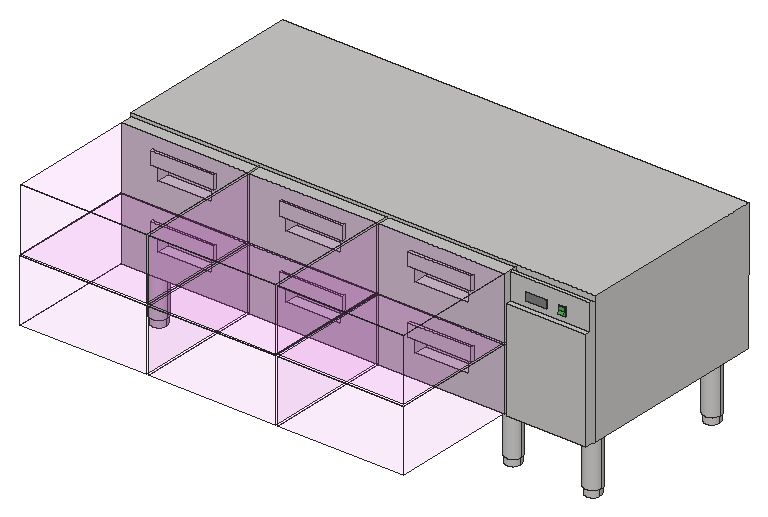
Revit family "QF_ELECTROLUXPROFESSIONAL_371376_E7TTBPCOMKN", category Specialty Equipment, Revit 2018
Family settings
  Round Connector Dimension = Use Diameter
  Part Type = Normal
  Work Plane-Based = No
  Always vertical = Yes
  Cut with Voids When Loaded = No
  Shared = No
  Room Calculation Point = No
Parameters (values of type "Standard")
  Weight = 110.00 kg
  Watts = 0 W
  Volts = 220 V
  URL Manufacturer = "http://professional.electrolux.com"
  URL = "http://professional.electrolux.com"
  Steam Supply Size = 0 mm
  Steam Supply Minimum Pressure = 0.0 Pa
  Steam Supply Maximum Pressure = 0.0 Pa
  Steam Pounds per Hour = 0
  Refrigeration Suction Line Size = 0 mm
  Refrigeration Liquid Line Size = 0 mm
  Refrigerant Compressor Remote = yes
  Manufacturer = "Electrolux Professional"
  Phase = 1
  Model = "E7TTBPCOMKN"
  Length Actual = 1600 mm  # constant formula
  Item Number = "371376"
  Hot Water Size = 0 mm
  Height Actual = 600 mm  # constant formula
  HP = "0.5 HP"
  Gas Size = 0 mm
  Gas KW = 0
  Gas Input Pressure = 0 W
  Direct Waste Size = 12.7 mm
  Description = "REFRIGERATED BASE WITH 6 DRAWERS 1600MM-60HZ - R290"
  Depth Actual = 700 mm  # constant formula
  Cycle = 60 Hz
  Condensate Return Size = 0 mm
  Compressed Air Volume = 0.0 L/s
  Compressed Air Size = 0 mm
  Compressed Air Pressure = 0.0 Pa
  Cold Water Size = 0 mm
  Accessory = yes
Values of the unnamed type that differ from the named types
  Volts = 0 V
  URL Manufacturer = ""
  Item Number = ""
  Cycle = 0 Hz
Reference planes
  plane 1 "Center X": y = 0
  plane 2: z = 0
  plane 3 "Centro (Sinistra/Destra)": x = 0
  plane 4: z = 200
  plane 5 "TOP": z = 650
  plane 6 "BACK": y = 350
  plane 7 "FRONT": y = -350
  plane 8 "LEFT": x = -800
  plane 9 "RIGHT": x = 800
  plane 10: y = -303
  plane 11: y = -348
  plane 12: x = -745
  plane 13: x = 745
  plane 14: x = 471
  plane 15: y = 262
  plane 16: y = -249
  plane 17: x = 286
  plane 18: x = -799
  plane 19: x = 799
  plane 20: y = 190
  plane 21: x = 758
  plane 22: z = 425
  plane 23: z = 422.5
  plane 24: z = 427.5
Forms (mm)
  Extrusion 1, solid, material "QF_Finishes_Stainless Steel"
    sketch origin (0, 0, 650) x (-1, 0, 0) y (0, -1, 0)
      loop
        line (799, -350) -> (799, 303) -> (-799, 303) -> (-799, -350) -> (799, -350)
    from -450 to 0
  Extrusion 2, solid, material "QF_Finishes_Stainless Steel"
    sketch origin (200, -342.999, 0) x (-1, 0, 0) y (0, 0, 1)
      loop
        line (995, 427.5) -> (995, 640.994) -> (560.999, 640.994) -> (560.999, 427.5) -> (995, 427.5)
      loop
        line (871.3, 506.706) -> (871.3, 585) -> (684.699, 585) -> (684.699, 506.706) -> (871.3, 506.706)
    from -5.001 to 39.999
  Extrusion 3, solid, material "QF_Door-Drawer Clearances"
    sketch origin (200, -348, 0) x (1, 0, 0) y (0, 0, 1)
      loop
        line (-995, 640.994) -> (-995, 427.5) -> (-560.999, 427.5) -> (-560.999, 640.994) -> (-995, 640.994)
    from 0 to 434
  Extrusion 4, solid, material "QF_Finishes_Stainless Steel"
    sketch origin (204, -348, 0) x (1, 0, 0) y (0, 0, 1)
      loop
        line (-890.3, 598.969) -> (-890.3, 553.969) -> (-673.699, 553.969) -> (-673.699, 598.969) -> (-890.3, 598.969)
    from 0 to 10
  Extrusion 5, solid, material "QF_Finishes_Stainless Steel"
    sketch origin (198, 0, 0) x (1, 0, 0) y (0, 1, 0)
      loop
        circle (560, 190) r 6
    from 189.987 to 200
  Extrusion 6, solid, material "QF_Finishes_Stainless Steel"
    sketch origin (798, 66.551, 0) x (0, 1, 0) y (0, 0, 1)
      loop
        line (-369.551, 629.527) -> (-386.314, 640.994) -> (-397.65, 640.994) -> (-397.65, 549.796) -> (-414.551, 549.796) -> (-414.551, 204.796) -> (-384.714, 204.796) -> (-374.993, 200) -> (-369.551, 200) -> (-369.551, 629.527)
    from 0 to -271
  Extrusion 7, solid, material "QF_Finishes_Black"
    sketch origin (782, -331.099, 630.994) x (0, 0, -1) y (1, 0, 0)
      loop
        line (32.198, -86.899) -> (61.199, -86.899) -> (61.199, -64.9) -> (32.198, -64.9) -> (32.198, -86.899)
    from 0 to 1.6
  Extrusion 8, solid, material "QF_Finishes_Grey"
    sketch origin (788, -331.099, 630.994) x (0, 0, -1) y (1, 0, 0)
      loop
        line (32.198, -206.099) -> (61.199, -206.099) -> (61.199, -136.099) -> (32.198, -136.099) -> (32.198, -206.099)
    from 0 to 1.6
  Extrusion 9, solid, material "QF_Finishes_Green"
    sketch origin (717.1, -331.099, 598.796) x (0, 0, -1) y (0, 1, 0)
      loop
        line (2.279, -3.281) -> (14.5, -3.281) -> (25.308, -8.985)
        arc (25.308, -8.985) -> (26.537, -5.394) -> (26.605, -1.6) r 12.221
        line (26.605, -1.6) -> (2.395, -1.6)
        arc (2.395, -1.6) -> (2.308, -2.439) -> (2.279, -3.281) r 12.221
    from -20 to -2
  Extrusion 10, solid, material "QF_Finishes_Stainless Steel"
    sketch origin (644.031, -342.999, 0) x (-1, 0, 0) y (0, 0, 1)
      loop
        line (997, 427.5) -> (997, 640.994) -> (563, 640.994) -> (563, 427.5) -> (997, 427.5)
      loop
        line (873.3, 506.706) -> (873.3, 585) -> (686.699, 585) -> (686.699, 506.706) -> (873.3, 506.706)
    from -5.001 to 39.999
  Extrusion 11, solid, material "QF_Door-Drawer Clearances"
    sketch origin (644.031, -348, 0) x (1, 0, 0) y (0, 0, 1)
      loop
        line (-997, 640.994) -> (-997, 427.5) -> (-563, 427.5) -> (-563, 640.994) -> (-997, 640.994)
    from 0 to 434
  Extrusion 12, solid, material "QF_Finishes_Stainless Steel"
    sketch origin (647.732, -348, 0) x (1, 0, 0) y (0, 0, 1)
      loop
        line (-892.001, 598.969) -> (-892.001, 553.969) -> (-675.4, 553.969) -> (-675.4, 598.969) -> (-892.001, 598.969)
    from 0 to 10
  Extrusion 13, solid, material "QF_Finishes_Stainless Steel"
    sketch origin (1076.461, -342.999, 0) x (-1, 0, 0) y (0, 0, 1)
      loop
        line (553.461, 427.5) -> (987.5, 427.5) -> (987.5, 640.994) -> (553.461, 640.994) -> (553.461, 427.5)
      loop
        line (863.8, 506.706) -> (863.8, 585) -> (677.199, 585) -> (677.199, 506.706) -> (863.8, 506.706)
    from -5.001 to 39.999
  Extrusion 14, solid, material "QF_Door-Drawer Clearances"
    sketch origin (1076.461, -348, 0) x (1, 0, 0) y (0, 0, 1)
      loop
        line (-553.461, 640.994) -> (-987.5, 640.994) -> (-987.5, 427.5) -> (-553.461, 427.5) -> (-553.461, 640.994)
    from 0 to 434
  Extrusion 15, solid, material "QF_Finishes_Stainless Steel"
    sketch origin (1076.461, -348, 0) x (1, 0, 0) y (0, 0, 1)
      loop
        line (-878.8, 598.969) -> (-878.8, 553.969) -> (-662.199, 553.969) -> (-662.199, 598.969) -> (-878.8, 598.969)
    from 0 to 10
  Extrusion 16, solid, material "QF_Finishes_Stainless Steel"
    sketch origin (200, -342.999, -218.494) x (-1, 0, 0) y (0, 0, 1)
      loop
        line (995, 427.5) -> (995, 640.994) -> (560.999, 640.994) -> (560.999, 427.5) -> (995, 427.5)
      loop
        line (871.3, 506.706) -> (871.3, 585) -> (684.699, 585) -> (684.699, 506.706) -> (871.3, 506.706)
    from -5.001 to 39.999
  Extrusion 17, solid, material "QF_Door-Drawer Clearances"
    sketch origin (200, -348, -218.494) x (1, 0, 0) y (0, 0, 1)
      loop
        line (-995, 640.994) -> (-995, 427.5) -> (-560.999, 427.5) -> (-560.999, 640.994) -> (-995, 640.994)
    from 0 to 434
  Extrusion 18, solid, material "QF_Finishes_Stainless Steel"
    sketch origin (204, -348, -218.494) x (1, 0, 0) y (0, 0, 1)
      loop
        line (-890.3, 598.969) -> (-890.3, 553.969) -> (-673.699, 553.969) -> (-673.699, 598.969) -> (-890.3, 598.969)
    from 0 to 10
  Extrusion 19, solid, material "QF_Finishes_Stainless Steel"
    sketch origin (644.031, -342.999, -218.494) x (-1, 0, 0) y (0, 0, 1)
      loop
        line (997, 427.5) -> (997, 640.994) -> (563, 640.994) -> (563, 427.5) -> (997, 427.5)
      loop
        line (873.3, 506.706) -> (873.3, 585) -> (686.699, 585) -> (686.699, 506.706) -> (873.3, 506.706)
    from -5.001 to 39.999
  Extrusion 20, solid, material "QF_Door-Drawer Clearances"
    sketch origin (644.031, -348, -218.494) x (1, 0, 0) y (0, 0, 1)
      loop
        line (-997, 640.994) -> (-997, 427.5) -> (-563, 427.5) -> (-563, 640.994) -> (-997, 640.994)
    from 0 to 434
  Extrusion 21, solid, material "QF_Finishes_Stainless Steel"
    sketch origin (647.732, -348, -218.494) x (1, 0, 0) y (0, 0, 1)
      loop
        line (-892.001, 598.969) -> (-892.001, 553.969) -> (-675.4, 553.969) -> (-675.4, 598.969) -> (-892.001, 598.969)
    from 0 to 10
  Extrusion 22, solid, material "QF_Finishes_Stainless Steel"
    sketch origin (1082.461, -342.999, -218.494) x (-1, 0, 0) y (0, 0, 1)
      loop
        line (559.461, 427.5) -> (993.5, 427.5) -> (993.5, 640.994) -> (559.461, 640.994) -> (559.461, 427.5)
      loop
        line (869.8, 506.706) -> (869.8, 585) -> (683.199, 585) -> (683.199, 506.706) -> (869.8, 506.706)
    from -5.001 to 39.999
  Extrusion 23, solid, material "QF_Door-Drawer Clearances"
    sketch origin (1082.461, -348, -218.494) x (1, 0, 0) y (0, 0, 1)
      loop
        line (-559.461, 640.994) -> (-993.5, 640.994) -> (-993.5, 427.5) -> (-559.461, 427.5) -> (-559.461, 640.994)
    from 0 to 434
  Extrusion 24, solid, material "QF_Finishes_Stainless Steel"
    sketch origin (1082.461, -348, -218.494) x (1, 0, 0) y (0, 0, 1)
      loop
        line (-884.8, 598.969) -> (-884.8, 553.969) -> (-668.199, 553.969) -> (-668.199, 598.969) -> (-884.8, 598.969)
    from 0 to 10
Lines and regions (mm)
  Split face 1
    outline origin (788, -332.699, 630.994) x (0, 0, -1) y (1, 0, 0)
      loop
        line (37.198, -196.099) -> (52.198, -196.099) -> (52.198, -146.099) -> (37.198, -146.099) -> (37.198, -196.099)
  Split face 2
    outline origin (788, -332.699, 630.994) x (0, 0, -1) y (1, 0, 0)
      loop
        circle (44.698, -143.099) r 1.2
  Split face 3
    outline origin (788, -332.699, 630.994) x (0, 0, -1) y (1, 0, 0)
      loop
        circle (39.698, -143.099) r 1.2
  Split face 4
    outline origin (788, -332.699, 630.994) x (0, 0, -1) y (1, 0, 0)
      loop
        circle (49.698, -143.099) r 1.2
  Split face 5
    outline origin (788, -332.699, 630.994) x (0, 0, -1) y (1, 0, 0)
      loop
        circle (39.698, -199.099) r 1.2
  Split face 6
    outline origin (788, -332.699, 630.994) x (0, 0, -1) y (1, 0, 0)
      loop
        circle (44.698, -199.099) r 1.2
  Split face 7
    outline origin (788, -332.699, 630.994) x (0, 0, -1) y (1, 0, 0)
      loop
        circle (49.698, -199.099) r 1.2
  Split face 8
    outline origin (788, -332.699, 630.994) x (0, 0, -1) y (1, 0, 0)
      loop
        line (59.151, -196.099) -> (59.151, -185.099) -> (54.151, -185.099) -> (54.151, -196.099) -> (59.151, -196.099)
  Split face 9
    outline origin (788, -332.699, 630.994) x (0, 0, -1) y (1, 0, 0)
      loop
        line (54.151, -183.099) -> (59.151, -183.099) -> (59.151, -172.099) -> (54.151, -172.099) -> (54.151, -183.099)
  Split face 10
    outline origin (801, -332.699, 630.994) x (0, 0, -1) y (1, 0, 0)
      loop
        line (54.151, -183.099) -> (59.151, -183.099) -> (59.151, -172.099) -> (54.151, -172.099) -> (54.151, -183.099)
  Split face 11
    outline origin (814, -332.699, 630.994) x (0, 0, -1) y (1, 0, 0)
      loop
        line (54.151, -183.099) -> (59.151, -183.099) -> (59.151, -172.099) -> (54.151, -172.099) -> (54.151, -183.099)
  Split face 12
    outline origin (798, -348, 412.291) x (0, 0, -1) y (1, 0, 0)
      loop
        arc (-85.025, -240.599) -> (-81.004, -236.61) -> (-85.004, -232.599) r 4
        line (-85.004, -232.599) -> (-117.004, -232.599)
        arc (-117.004, -232.599) -> (-121.004, -236.61) -> (-116.984, -240.599) r 4
        line (-116.984, -240.599) -> (-85.025, -240.599)
  Split face 13
    outline origin (810, -348, 412.291) x (0, 0, -1) y (1, 0, 0)
      loop
        arc (-85.025, -240.599) -> (-81.004, -236.61) -> (-85.004, -232.599) r 4
        line (-85.004, -232.599) -> (-117.004, -232.599)
        arc (-117.004, -232.599) -> (-121.004, -236.61) -> (-116.984, -240.599) r 4
        line (-116.984, -240.599) -> (-85.025, -240.599)
  Split face 14
    outline origin (822, -348, 412.291) x (0, 0, -1) y (1, 0, 0)
      loop
        arc (-85.025, -240.599) -> (-81.004, -236.61) -> (-85.004, -232.599) r 4
        line (-85.004, -232.599) -> (-117.004, -232.599)
        arc (-117.004, -232.599) -> (-121.004, -236.61) -> (-116.984, -240.599) r 4
        line (-116.984, -240.599) -> (-85.025, -240.599)
  Split face 15
    outline origin (833.897, -348, 412.291) x (0, 0, -1) y (1, 0, 0)
      loop
        arc (-85.025, -240.599) -> (-81.004, -236.61) -> (-85.004, -232.599) r 4
        line (-85.004, -232.599) -> (-117.004, -232.599)
        arc (-117.004, -232.599) -> (-121.004, -236.61) -> (-116.984, -240.599) r 4
        line (-116.984, -240.599) -> (-85.025, -240.599)
  Split face 16
    outline origin (845.896, -348, 412.291) x (0, 0, -1) y (1, 0, 0)
      loop
        arc (-85.025, -240.599) -> (-81.004, -236.61) -> (-85.004, -232.599) r 4
        line (-85.004, -232.599) -> (-117.004, -232.599)
        arc (-117.004, -232.599) -> (-121.004, -236.61) -> (-116.984, -240.599) r 4
        line (-116.984, -240.599) -> (-85.025, -240.599)
  Split face 17
    outline origin (857.896, -348, 412.291) x (0, 0, -1) y (1, 0, 0)
      loop
        arc (-85.025, -240.599) -> (-81.004, -236.61) -> (-85.004, -232.599) r 4
        line (-85.004, -232.599) -> (-117.004, -232.599)
        arc (-117.004, -232.599) -> (-121.004, -236.61) -> (-116.984, -240.599) r 4
        line (-116.984, -240.599) -> (-85.025, -240.599)
  Split face 18
    outline origin (869.896, -348, 412.291) x (0, 0, -1) y (1, 0, 0)
      loop
        arc (-85.025, -240.599) -> (-81.004, -236.61) -> (-85.004, -232.599) r 4
        line (-85.004, -232.599) -> (-117.004, -232.599)
        arc (-117.004, -232.599) -> (-121.004, -236.61) -> (-116.984, -240.599) r 4
        line (-116.984, -240.599) -> (-85.025, -240.599)
  Split face 19
    outline origin (881.897, -348, 412.291) x (0, 0, -1) y (1, 0, 0)
      loop
        arc (-85.025, -240.599) -> (-81.004, -236.61) -> (-85.004, -232.599) r 4
        line (-85.004, -232.599) -> (-117.004, -232.599)
        arc (-117.004, -232.599) -> (-121.004, -236.61) -> (-116.984, -240.599) r 4
        line (-116.984, -240.599) -> (-85.025, -240.599)
  Split face 20
    outline origin (893.896, -348, 412.291) x (0, 0, -1) y (1, 0, 0)
      loop
        arc (-85.025, -240.599) -> (-81.004, -236.61) -> (-85.004, -232.599) r 4
        line (-85.004, -232.599) -> (-117.004, -232.599)
        arc (-117.004, -232.599) -> (-121.004, -236.61) -> (-116.984, -240.599) r 4
        line (-116.984, -240.599) -> (-85.025, -240.599)
  Split face 21
    outline origin (905.896, -348, 412.291) x (0, 0, -1) y (1, 0, 0)
      loop
        arc (-85.025, -242.399) -> (-81.004, -238.41) -> (-85.004, -234.4) r 4
        line (-85.004, -234.4) -> (-117.004, -234.4)
        arc (-117.004, -234.4) -> (-121.004, -238.41) -> (-116.984, -242.399) r 4
        line (-116.984, -242.399) -> (-85.025, -242.399)
  Split face 22
    outline origin (917.896, -348, 412.291) x (0, 0, -1) y (1, 0, 0)
      loop
        arc (-85.025, -242.399) -> (-81.004, -238.41) -> (-85.004, -234.4) r 4
        line (-85.004, -234.4) -> (-117.004, -234.4)
        arc (-117.004, -234.4) -> (-121.004, -238.41) -> (-116.984, -242.399) r 4
        line (-116.984, -242.399) -> (-85.025, -242.399)
  Split face 23
    outline origin (929.896, -348, 412.291) x (0, 0, -1) y (1, 0, 0)
      loop
        arc (-85.025, -242.399) -> (-81.004, -238.41) -> (-85.004, -234.4) r 4
        line (-85.004, -234.4) -> (-117.004, -234.4)
        arc (-117.004, -234.4) -> (-121.004, -238.41) -> (-116.984, -242.399) r 4
        line (-116.984, -242.399) -> (-85.025, -242.399)
  Split face 24
    outline origin (941.896, -348, 412.291) x (0, 0, -1) y (1, 0, 0)
      loop
        arc (-85.025, -242.399) -> (-81.004, -238.41) -> (-85.004, -234.4) r 4
        line (-85.004, -234.4) -> (-117.004, -234.4)
        arc (-117.004, -234.4) -> (-121.004, -238.41) -> (-116.984, -242.399) r 4
        line (-116.984, -242.399) -> (-85.025, -242.399)
  Split face 25
    outline origin (953.896, -348, 412.291) x (0, 0, -1) y (1, 0, 0)
      loop
        arc (-85.025, -242.399) -> (-81.004, -238.41) -> (-85.004, -234.4) r 4
        line (-85.004, -234.4) -> (-117.004, -234.4)
        arc (-117.004, -234.4) -> (-121.004, -238.41) -> (-116.984, -242.399) r 4
        line (-116.984, -242.399) -> (-85.025, -242.399)
  Split face 26
    outline origin (965.896, -348, 412.291) x (0, 0, -1) y (1, 0, 0)
      loop
        arc (-85.025, -242.399) -> (-81.004, -238.41) -> (-85.004, -234.4) r 4
        line (-85.004, -234.4) -> (-117.004, -234.4)
        arc (-117.004, -234.4) -> (-121.004, -238.41) -> (-116.984, -242.399) r 4
        line (-116.984, -242.399) -> (-85.025, -242.399)
  Split face 27
    outline origin (977.896, -348, 412.291) x (0, 0, -1) y (1, 0, 0)
      loop
        arc (-85.025, -242.399) -> (-81.004, -238.41) -> (-85.004, -234.4) r 4
        line (-85.004, -234.4) -> (-117.004, -234.4)
        arc (-117.004, -234.4) -> (-121.004, -238.41) -> (-116.984, -242.399) r 4
        line (-116.984, -242.399) -> (-85.025, -242.399)
  Split face 28
    outline origin (989.896, -348, 412.291) x (0, 0, -1) y (1, 0, 0)
      loop
        arc (-85.025, -242.399) -> (-81.004, -238.41) -> (-85.004, -234.4) r 4
        line (-85.004, -234.4) -> (-117.004, -234.4)
        arc (-117.004, -234.4) -> (-121.004, -238.41) -> (-116.984, -242.399) r 4
        line (-116.984, -242.399) -> (-85.025, -242.399)
  Split face 29
    outline origin (1001.896, -348, 412.291) x (0, 0, -1) y (1, 0, 0)
      loop
        arc (-85.025, -242.399) -> (-81.004, -238.41) -> (-85.004, -234.4) r 4
        line (-85.004, -234.4) -> (-117.004, -234.4)
        arc (-117.004, -234.4) -> (-121.004, -238.41) -> (-116.984, -242.399) r 4
        line (-116.984, -242.399) -> (-85.025, -242.399)
  Split face 30
    outline origin (1013.896, -348, 412.291) x (0, 0, -1) y (1, 0, 0)
      loop
        arc (-85.025, -242.399) -> (-81.004, -238.41) -> (-85.004, -234.4) r 4
        line (-85.004, -234.4) -> (-117.004, -234.4)
        arc (-117.004, -234.4) -> (-121.004, -238.41) -> (-116.984, -242.399) r 4
        line (-116.984, -242.399) -> (-85.025, -242.399)
  Split face 31
    outline origin (786, -348, 412.291) x (0, 0, -1) y (1, 0, 0)
      loop
        arc (-85.025, -240.599) -> (-81.004, -236.61) -> (-85.004, -232.599) r 4
        line (-85.004, -232.599) -> (-117.004, -232.599)
        arc (-117.004, -232.599) -> (-121.004, -236.61) -> (-116.984, -240.599) r 4
        line (-116.984, -240.599) -> (-85.025, -240.599)
  Split face 32
    outline origin (798, -348, 367.29) x (0, 0, -1) y (1, 0, 0)
      loop
        arc (-85.025, -240.599) -> (-81.004, -236.61) -> (-85.004, -232.599) r 4
        line (-85.004, -232.599) -> (-117.004, -232.599)
        arc (-117.004, -232.599) -> (-121.004, -236.61) -> (-116.984, -240.599) r 4
        line (-116.984, -240.599) -> (-85.025, -240.599)
  Split face 33
    outline origin (810, -348, 367.29) x (0, 0, -1) y (1, 0, 0)
      loop
        arc (-85.025, -240.599) -> (-81.004, -236.61) -> (-85.004, -232.599) r 4
        line (-85.004, -232.599) -> (-117.004, -232.599)
        arc (-117.004, -232.599) -> (-121.004, -236.61) -> (-116.984, -240.599) r 4
        line (-116.984, -240.599) -> (-85.025, -240.599)
  Split face 34
    outline origin (822, -348, 367.29) x (0, 0, -1) y (1, 0, 0)
      loop
        arc (-85.025, -240.599) -> (-81.004, -236.61) -> (-85.004, -232.599) r 4
        line (-85.004, -232.599) -> (-117.004, -232.599)
        arc (-117.004, -232.599) -> (-121.004, -236.61) -> (-116.984, -240.599) r 4
        line (-116.984, -240.599) -> (-85.025, -240.599)
  Split face 35
    outline origin (833.897, -348, 367.29) x (0, 0, -1) y (1, 0, 0)
      loop
        arc (-85.025, -240.599) -> (-81.004, -236.61) -> (-85.004, -232.599) r 4
        line (-85.004, -232.599) -> (-117.004, -232.599)
        arc (-117.004, -232.599) -> (-121.004, -236.61) -> (-116.984, -240.599) r 4
        line (-116.984, -240.599) -> (-85.025, -240.599)
  Split face 36
    outline origin (845.896, -348, 367.29) x (0, 0, -1) y (1, 0, 0)
      loop
        arc (-85.025, -240.599) -> (-81.004, -236.61) -> (-85.004, -232.599) r 4
        line (-85.004, -232.599) -> (-117.004, -232.599)
        arc (-117.004, -232.599) -> (-121.004, -236.61) -> (-116.984, -240.599) r 4
        line (-116.984, -240.599) -> (-85.025, -240.599)
  Split face 37
    outline origin (857.896, -348, 367.29) x (0, 0, -1) y (1, 0, 0)
      loop
        arc (-85.025, -240.599) -> (-81.004, -236.61) -> (-85.004, -232.599) r 4
        line (-85.004, -232.599) -> (-117.004, -232.599)
        arc (-117.004, -232.599) -> (-121.004, -236.61) -> (-116.984, -240.599) r 4
        line (-116.984, -240.599) -> (-85.025, -240.599)
  Split face 38
    outline origin (869.896, -348, 367.29) x (0, 0, -1) y (1, 0, 0)
      loop
        arc (-85.025, -240.599) -> (-81.004, -236.61) -> (-85.004, -232.599) r 4
        line (-85.004, -232.599) -> (-117.004, -232.599)
        arc (-117.004, -232.599) -> (-121.004, -236.61) -> (-116.984, -240.599) r 4
        line (-116.984, -240.599) -> (-85.025, -240.599)
  Split face 39
    outline origin (881.897, -348, 367.29) x (0, 0, -1) y (1, 0, 0)
      loop
        arc (-85.025, -240.599) -> (-81.004, -236.61) -> (-85.004, -232.599) r 4
        line (-85.004, -232.599) -> (-117.004, -232.599)
        arc (-117.004, -232.599) -> (-121.004, -236.61) -> (-116.984, -240.599) r 4
        line (-116.984, -240.599) -> (-85.025, -240.599)
  Split face 40
    outline origin (893.896, -348, 367.29) x (0, 0, -1) y (1, 0, 0)
      loop
        arc (-85.025, -240.599) -> (-81.004, -236.61) -> (-85.004, -232.599) r 4
        line (-85.004, -232.599) -> (-117.004, -232.599)
        arc (-117.004, -232.599) -> (-121.004, -236.61) -> (-116.984, -240.599) r 4
        line (-116.984, -240.599) -> (-85.025, -240.599)
  Split face 41
    outline origin (905.896, -348, 367.29) x (0, 0, -1) y (1, 0, 0)
      loop
        arc (-85.025, -242.399) -> (-81.004, -238.41) -> (-85.004, -234.4) r 4
        line (-85.004, -234.4) -> (-117.004, -234.4)
        arc (-117.004, -234.4) -> (-121.004, -238.41) -> (-116.984, -242.399) r 4
        line (-116.984, -242.399) -> (-85.025, -242.399)
  Split face 42
    outline origin (917.896, -348, 367.29) x (0, 0, -1) y (1, 0, 0)
      loop
        arc (-85.025, -242.399) -> (-81.004, -238.41) -> (-85.004, -234.4) r 4
        line (-85.004, -234.4) -> (-117.004, -234.4)
        arc (-117.004, -234.4) -> (-121.004, -238.41) -> (-116.984, -242.399) r 4
        line (-116.984, -242.399) -> (-85.025, -242.399)
  Split face 43
    outline origin (929.896, -348, 367.29) x (0, 0, -1) y (1, 0, 0)
      loop
        arc (-85.025, -242.399) -> (-81.004, -238.41) -> (-85.004, -234.4) r 4
        line (-85.004, -234.4) -> (-117.004, -234.4)
        arc (-117.004, -234.4) -> (-121.004, -238.41) -> (-116.984, -242.399) r 4
        line (-116.984, -242.399) -> (-85.025, -242.399)
  Split face 44
    outline origin (941.896, -348, 367.29) x (0, 0, -1) y (1, 0, 0)
      loop
        arc (-85.025, -242.399) -> (-81.004, -238.41) -> (-85.004, -234.4) r 4
        line (-85.004, -234.4) -> (-117.004, -234.4)
        arc (-117.004, -234.4) -> (-121.004, -238.41) -> (-116.984, -242.399) r 4
        line (-116.984, -242.399) -> (-85.025, -242.399)
  Split face 45
    outline origin (953.896, -348, 367.29) x (0, 0, -1) y (1, 0, 0)
      loop
        arc (-85.025, -242.399) -> (-81.004, -238.41) -> (-85.004, -234.4) r 4
        line (-85.004, -234.4) -> (-117.004, -234.4)
        arc (-117.004, -234.4) -> (-121.004, -238.41) -> (-116.984, -242.399) r 4
        line (-116.984, -242.399) -> (-85.025, -242.399)
  Split face 46
    outline origin (965.896, -348, 367.29) x (0, 0, -1) y (1, 0, 0)
      loop
        arc (-85.025, -242.399) -> (-81.004, -238.41) -> (-85.004, -234.4) r 4
        line (-85.004, -234.4) -> (-117.004, -234.4)
        arc (-117.004, -234.4) -> (-121.004, -238.41) -> (-116.984, -242.399) r 4
        line (-116.984, -242.399) -> (-85.025, -242.399)
  Split face 47
    outline origin (977.896, -348, 367.29) x (0, 0, -1) y (1, 0, 0)
      loop
        arc (-85.025, -242.399) -> (-81.004, -238.41) -> (-85.004, -234.4) r 4
        line (-85.004, -234.4) -> (-117.004, -234.4)
        arc (-117.004, -234.4) -> (-121.004, -238.41) -> (-116.984, -242.399) r 4
        line (-116.984, -242.399) -> (-85.025, -242.399)
  Split face 48
    outline origin (989.896, -348, 367.29) x (0, 0, -1) y (1, 0, 0)
      loop
        arc (-85.025, -242.399) -> (-81.004, -238.41) -> (-85.004, -234.4) r 4
        line (-85.004, -234.4) -> (-117.004, -234.4)
        arc (-117.004, -234.4) -> (-121.004, -238.41) -> (-116.984, -242.399) r 4
        line (-116.984, -242.399) -> (-85.025, -242.399)
  Split face 49
    outline origin (1001.896, -348, 367.29) x (0, 0, -1) y (1, 0, 0)
      loop
        arc (-85.025, -242.399) -> (-81.004, -238.41) -> (-85.004, -234.4) r 4
        line (-85.004, -234.4) -> (-117.004, -234.4)
        arc (-117.004, -234.4) -> (-121.004, -238.41) -> (-116.984, -242.399) r 4
        line (-116.984, -242.399) -> (-85.025, -242.399)
  Split face 50
    outline origin (1013.896, -348, 367.29) x (0, 0, -1) y (1, 0, 0)
      loop
        arc (-85.025, -242.399) -> (-81.004, -238.41) -> (-85.004, -234.4) r 4
        line (-85.004, -234.4) -> (-117.004, -234.4)
        arc (-117.004, -234.4) -> (-121.004, -238.41) -> (-116.984, -242.399) r 4
        line (-116.984, -242.399) -> (-85.025, -242.399)
  Split face 51
    outline origin (786, -348, 367.29) x (0, 0, -1) y (1, 0, 0)
      loop
        arc (-85.025, -240.599) -> (-81.004, -236.61) -> (-85.004, -232.599) r 4
        line (-85.004, -232.599) -> (-117.004, -232.599)
        arc (-117.004, -232.599) -> (-121.004, -236.61) -> (-116.984, -240.599) r 4
        line (-116.984, -240.599) -> (-85.025, -240.599)
  Split face 52
    outline origin (798, -348, 322.29) x (0, 0, -1) y (1, 0, 0)
      loop
        arc (-85.025, -240.599) -> (-81.004, -236.61) -> (-85.004, -232.599) r 4
        line (-85.004, -232.599) -> (-117.004, -232.599)
        arc (-117.004, -232.599) -> (-121.004, -236.61) -> (-116.984, -240.599) r 4
        line (-116.984, -240.599) -> (-85.025, -240.599)
  Split face 53
    outline origin (810, -348, 322.29) x (0, 0, -1) y (1, 0, 0)
      loop
        arc (-85.025, -240.599) -> (-81.004, -236.61) -> (-85.004, -232.599) r 4
        line (-85.004, -232.599) -> (-117.004, -232.599)
        arc (-117.004, -232.599) -> (-121.004, -236.61) -> (-116.984, -240.599) r 4
        line (-116.984, -240.599) -> (-85.025, -240.599)
  Split face 54
    outline origin (822, -348, 322.29) x (0, 0, -1) y (1, 0, 0)
      loop
        arc (-85.025, -240.599) -> (-81.004, -236.61) -> (-85.004, -232.599) r 4
        line (-85.004, -232.599) -> (-117.004, -232.599)
        arc (-117.004, -232.599) -> (-121.004, -236.61) -> (-116.984, -240.599) r 4
        line (-116.984, -240.599) -> (-85.025, -240.599)
  Split face 55
    outline origin (833.897, -348, 322.29) x (0, 0, -1) y (1, 0, 0)
      loop
        arc (-85.025, -240.599) -> (-81.004, -236.61) -> (-85.004, -232.599) r 4
        line (-85.004, -232.599) -> (-117.004, -232.599)
        arc (-117.004, -232.599) -> (-121.004, -236.61) -> (-116.984, -240.599) r 4
        line (-116.984, -240.599) -> (-85.025, -240.599)
  Split face 56
    outline origin (845.896, -348, 322.29) x (0, 0, -1) y (1, 0, 0)
      loop
        arc (-85.025, -240.599) -> (-81.004, -236.61) -> (-85.004, -232.599) r 4
        line (-85.004, -232.599) -> (-117.004, -232.599)
        arc (-117.004, -232.599) -> (-121.004, -236.61) -> (-116.984, -240.599) r 4
        line (-116.984, -240.599) -> (-85.025, -240.599)
  Split face 57
    outline origin (857.896, -348, 322.29) x (0, 0, -1) y (1, 0, 0)
      loop
        arc (-85.025, -240.599) -> (-81.004, -236.61) -> (-85.004, -232.599) r 4
        line (-85.004, -232.599) -> (-117.004, -232.599)
        arc (-117.004, -232.599) -> (-121.004, -236.61) -> (-116.984, -240.599) r 4
        line (-116.984, -240.599) -> (-85.025, -240.599)
  Split face 58
    outline origin (869.896, -348, 322.29) x (0, 0, -1) y (1, 0, 0)
      loop
        arc (-85.025, -240.599) -> (-81.004, -236.61) -> (-85.004, -232.599) r 4
        line (-85.004, -232.599) -> (-117.004, -232.599)
        arc (-117.004, -232.599) -> (-121.004, -236.61) -> (-116.984, -240.599) r 4
        line (-116.984, -240.599) -> (-85.025, -240.599)
  Split face 59
    outline origin (881.897, -348, 322.29) x (0, 0, -1) y (1, 0, 0)
      loop
        arc (-85.025, -240.599) -> (-81.004, -236.61) -> (-85.004, -232.599) r 4
        line (-85.004, -232.599) -> (-117.004, -232.599)
        arc (-117.004, -232.599) -> (-121.004, -236.61) -> (-116.984, -240.599) r 4
        line (-116.984, -240.599) -> (-85.025, -240.599)
  Split face 60
    outline origin (893.896, -348, 322.29) x (0, 0, -1) y (1, 0, 0)
      loop
        arc (-85.025, -240.599) -> (-81.004, -236.61) -> (-85.004, -232.599) r 4
        line (-85.004, -232.599) -> (-117.004, -232.599)
        arc (-117.004, -232.599) -> (-121.004, -236.61) -> (-116.984, -240.599) r 4
        line (-116.984, -240.599) -> (-85.025, -240.599)
  Split face 61
    outline origin (905.896, -348, 322.29) x (0, 0, -1) y (1, 0, 0)
      loop
        arc (-85.025, -242.399) -> (-81.004, -238.41) -> (-85.004, -234.4) r 4
        line (-85.004, -234.4) -> (-117.004, -234.4)
        arc (-117.004, -234.4) -> (-121.004, -238.41) -> (-116.984, -242.399) r 4
        line (-116.984, -242.399) -> (-85.025, -242.399)
  Split face 62
    outline origin (917.896, -348, 322.29) x (0, 0, -1) y (1, 0, 0)
      loop
        arc (-85.025, -242.399) -> (-81.004, -238.41) -> (-85.004, -234.4) r 4
        line (-85.004, -234.4) -> (-117.004, -234.4)
        arc (-117.004, -234.4) -> (-121.004, -238.41) -> (-116.984, -242.399) r 4
        line (-116.984, -242.399) -> (-85.025, -242.399)
  Split face 63
    outline origin (929.896, -348, 322.29) x (0, 0, -1) y (1, 0, 0)
      loop
        arc (-85.025, -242.399) -> (-81.004, -238.41) -> (-85.004, -234.4) r 4
        line (-85.004, -234.4) -> (-117.004, -234.4)
        arc (-117.004, -234.4) -> (-121.004, -238.41) -> (-116.984, -242.399) r 4
        line (-116.984, -242.399) -> (-85.025, -242.399)
  Split face 64
    outline origin (941.896, -348, 322.29) x (0, 0, -1) y (1, 0, 0)
      loop
        arc (-85.025, -242.399) -> (-81.004, -238.41) -> (-85.004, -234.4) r 4
        line (-85.004, -234.4) -> (-117.004, -234.4)
        arc (-117.004, -234.4) -> (-121.004, -238.41) -> (-116.984, -242.399) r 4
        line (-116.984, -242.399) -> (-85.025, -242.399)
  Split face 65
    outline origin (953.896, -348, 322.29) x (0, 0, -1) y (1, 0, 0)
      loop
        arc (-85.025, -242.399) -> (-81.004, -238.41) -> (-85.004, -234.4) r 4
        line (-85.004, -234.4) -> (-117.004, -234.4)
        arc (-117.004, -234.4) -> (-121.004, -238.41) -> (-116.984, -242.399) r 4
        line (-116.984, -242.399) -> (-85.025, -242.399)
  Split face 66
    outline origin (965.896, -348, 322.29) x (0, 0, -1) y (1, 0, 0)
      loop
        arc (-85.025, -242.399) -> (-81.004, -238.41) -> (-85.004, -234.4) r 4
        line (-85.004, -234.4) -> (-117.004, -234.4)
        arc (-117.004, -234.4) -> (-121.004, -238.41) -> (-116.984, -242.399) r 4
        line (-116.984, -242.399) -> (-85.025, -242.399)
  Split face 67
    outline origin (977.896, -348, 322.29) x (0, 0, -1) y (1, 0, 0)
      loop
        arc (-85.025, -242.399) -> (-81.004, -238.41) -> (-85.004, -234.4) r 4
        line (-85.004, -234.4) -> (-117.004, -234.4)
        arc (-117.004, -234.4) -> (-121.004, -238.41) -> (-116.984, -242.399) r 4
        line (-116.984, -242.399) -> (-85.025, -242.399)
  Split face 68
    outline origin (989.896, -348, 322.29) x (0, 0, -1) y (1, 0, 0)
      loop
        arc (-85.025, -242.399) -> (-81.004, -238.41) -> (-85.004, -234.4) r 4
        line (-85.004, -234.4) -> (-117.004, -234.4)
        arc (-117.004, -234.4) -> (-121.004, -238.41) -> (-116.984, -242.399) r 4
        line (-116.984, -242.399) -> (-85.025, -242.399)
  Split face 69
    outline origin (1001.896, -348, 322.29) x (0, 0, -1) y (1, 0, 0)
      loop
        arc (-85.025, -242.399) -> (-81.004, -238.41) -> (-85.004, -234.4) r 4
        line (-85.004, -234.4) -> (-117.004, -234.4)
        arc (-117.004, -234.4) -> (-121.004, -238.41) -> (-116.984, -242.399) r 4
        line (-116.984, -242.399) -> (-85.025, -242.399)
  Split face 70
    outline origin (1013.896, -348, 322.29) x (0, 0, -1) y (1, 0, 0)
      loop
        arc (-85.025, -242.399) -> (-81.004, -238.41) -> (-85.004, -234.4) r 4
        line (-85.004, -234.4) -> (-117.004, -234.4)
        arc (-117.004, -234.4) -> (-121.004, -238.41) -> (-116.984, -242.399) r 4
        line (-116.984, -242.399) -> (-85.025, -242.399)
  Split face 71
    outline origin (786, -348, 322.29) x (0, 0, -1) y (1, 0, 0)
      loop
        arc (-85.025, -240.599) -> (-81.004, -236.61) -> (-85.004, -232.599) r 4
        line (-85.004, -232.599) -> (-117.004, -232.599)
        arc (-117.004, -232.599) -> (-121.004, -236.61) -> (-116.984, -240.599) r 4
        line (-116.984, -240.599) -> (-85.025, -240.599)
  Split face 72
    outline origin (798, -348, 277.29) x (0, 0, -1) y (1, 0, 0)
      loop
        arc (-85.025, -240.599) -> (-81.004, -236.61) -> (-85.004, -232.599) r 4
        line (-85.004, -232.599) -> (-117.004, -232.599)
        arc (-117.004, -232.599) -> (-121.004, -236.61) -> (-116.984, -240.599) r 4
        line (-116.984, -240.599) -> (-85.025, -240.599)
  Split face 73
    outline origin (810, -348, 277.29) x (0, 0, -1) y (1, 0, 0)
      loop
        arc (-85.025, -240.599) -> (-81.004, -236.61) -> (-85.004, -232.599) r 4
        line (-85.004, -232.599) -> (-117.004, -232.599)
        arc (-117.004, -232.599) -> (-121.004, -236.61) -> (-116.984, -240.599) r 4
        line (-116.984, -240.599) -> (-85.025, -240.599)
  Split face 74
    outline origin (822, -348, 277.29) x (0, 0, -1) y (1, 0, 0)
      loop
        arc (-85.025, -240.599) -> (-81.004, -236.61) -> (-85.004, -232.599) r 4
        line (-85.004, -232.599) -> (-117.004, -232.599)
        arc (-117.004, -232.599) -> (-121.004, -236.61) -> (-116.984, -240.599) r 4
        line (-116.984, -240.599) -> (-85.025, -240.599)
  Split face 75
    outline origin (833.897, -348, 277.29) x (0, 0, -1) y (1, 0, 0)
      loop
        arc (-85.025, -240.599) -> (-81.004, -236.61) -> (-85.004, -232.599) r 4
        line (-85.004, -232.599) -> (-117.004, -232.599)
        arc (-117.004, -232.599) -> (-121.004, -236.61) -> (-116.984, -240.599) r 4
        line (-116.984, -240.599) -> (-85.025, -240.599)
  Split face 76
    outline origin (845.896, -348, 277.29) x (0, 0, -1) y (1, 0, 0)
      loop
        arc (-85.025, -240.599) -> (-81.004, -236.61) -> (-85.004, -232.599) r 4
        line (-85.004, -232.599) -> (-117.004, -232.599)
        arc (-117.004, -232.599) -> (-121.004, -236.61) -> (-116.984, -240.599) r 4
        line (-116.984, -240.599) -> (-85.025, -240.599)
  Split face 77
    outline origin (857.896, -348, 277.29) x (0, 0, -1) y (1, 0, 0)
      loop
        arc (-85.025, -240.599) -> (-81.004, -236.61) -> (-85.004, -232.599) r 4
        line (-85.004, -232.599) -> (-117.004, -232.599)
        arc (-117.004, -232.599) -> (-121.004, -236.61) -> (-116.984, -240.599) r 4
        line (-116.984, -240.599) -> (-85.025, -240.599)
  Split face 78
    outline origin (869.896, -348, 277.29) x (0, 0, -1) y (1, 0, 0)
      loop
        arc (-85.025, -240.599) -> (-81.004, -236.61) -> (-85.004, -232.599) r 4
        line (-85.004, -232.599) -> (-117.004, -232.599)
        arc (-117.004, -232.599) -> (-121.004, -236.61) -> (-116.984, -240.599) r 4
        line (-116.984, -240.599) -> (-85.025, -240.599)
  Split face 79
    outline origin (881.897, -348, 277.29) x (0, 0, -1) y (1, 0, 0)
      loop
        arc (-85.025, -240.599) -> (-81.004, -236.61) -> (-85.004, -232.599) r 4
        line (-85.004, -232.599) -> (-117.004, -232.599)
        arc (-117.004, -232.599) -> (-121.004, -236.61) -> (-116.984, -240.599) r 4
        line (-116.984, -240.599) -> (-85.025, -240.599)
  Split face 80
    outline origin (893.896, -348, 277.29) x (0, 0, -1) y (1, 0, 0)
      loop
        arc (-85.025, -240.599) -> (-81.004, -236.61) -> (-85.004, -232.599) r 4
        line (-85.004, -232.599) -> (-117.004, -232.599)
        arc (-117.004, -232.599) -> (-121.004, -236.61) -> (-116.984, -240.599) r 4
        line (-116.984, -240.599) -> (-85.025, -240.599)
  Split face 81
    outline origin (905.896, -348, 277.29) x (0, 0, -1) y (1, 0, 0)
      loop
        arc (-85.025, -242.399) -> (-81.004, -238.41) -> (-85.004, -234.4) r 4
        line (-85.004, -234.4) -> (-117.004, -234.4)
        arc (-117.004, -234.4) -> (-121.004, -238.41) -> (-116.984, -242.399) r 4
        line (-116.984, -242.399) -> (-85.025, -242.399)
  Split face 82
    outline origin (917.896, -348, 277.29) x (0, 0, -1) y (1, 0, 0)
      loop
        arc (-85.025, -242.399) -> (-81.004, -238.41) -> (-85.004, -234.4) r 4
        line (-85.004, -234.4) -> (-117.004, -234.4)
        arc (-117.004, -234.4) -> (-121.004, -238.41) -> (-116.984, -242.399) r 4
        line (-116.984, -242.399) -> (-85.025, -242.399)
  Split face 83
    outline origin (929.896, -348, 277.29) x (0, 0, -1) y (1, 0, 0)
      loop
        arc (-85.025, -242.399) -> (-81.004, -238.41) -> (-85.004, -234.4) r 4
        line (-85.004, -234.4) -> (-117.004, -234.4)
        arc (-117.004, -234.4) -> (-121.004, -238.41) -> (-116.984, -242.399) r 4
        line (-116.984, -242.399) -> (-85.025, -242.399)
  Split face 84
    outline origin (941.896, -348, 277.29) x (0, 0, -1) y (1, 0, 0)
      loop
        arc (-85.025, -242.399) -> (-81.004, -238.41) -> (-85.004, -234.4) r 4
        line (-85.004, -234.4) -> (-117.004, -234.4)
        arc (-117.004, -234.4) -> (-121.004, -238.41) -> (-116.984, -242.399) r 4
        line (-116.984, -242.399) -> (-85.025, -242.399)
  Split face 85
    outline origin (953.896, -348, 277.29) x (0, 0, -1) y (1, 0, 0)
      loop
        arc (-85.025, -242.399) -> (-81.004, -238.41) -> (-85.004, -234.4) r 4
        line (-85.004, -234.4) -> (-117.004, -234.4)
        arc (-117.004, -234.4) -> (-121.004, -238.41) -> (-116.984, -242.399) r 4
        line (-116.984, -242.399) -> (-85.025, -242.399)
  Split face 86
    outline origin (965.896, -348, 277.29) x (0, 0, -1) y (1, 0, 0)
      loop
        arc (-85.025, -242.399) -> (-81.004, -238.41) -> (-85.004, -234.4) r 4
        line (-85.004, -234.4) -> (-117.004, -234.4)
        arc (-117.004, -234.4) -> (-121.004, -238.41) -> (-116.984, -242.399) r 4
        line (-116.984, -242.399) -> (-85.025, -242.399)
  Split face 87
    outline origin (977.896, -348, 277.29) x (0, 0, -1) y (1, 0, 0)
      loop
        arc (-85.025, -242.399) -> (-81.004, -238.41) -> (-85.004, -234.4) r 4
        line (-85.004, -234.4) -> (-117.004, -234.4)
        arc (-117.004, -234.4) -> (-121.004, -238.41) -> (-116.984, -242.399) r 4
        line (-116.984, -242.399) -> (-85.025, -242.399)
  Split face 88
    outline origin (989.896, -348, 277.29) x (0, 0, -1) y (1, 0, 0)
      loop
        arc (-85.025, -242.399) -> (-81.004, -238.41) -> (-85.004, -234.4) r 4
        line (-85.004, -234.4) -> (-117.004, -234.4)
        arc (-117.004, -234.4) -> (-121.004, -238.41) -> (-116.984, -242.399) r 4
        line (-116.984, -242.399) -> (-85.025, -242.399)
  Split face 89
    outline origin (1001.896, -348, 277.29) x (0, 0, -1) y (1, 0, 0)
      loop
        arc (-85.025, -242.399) -> (-81.004, -238.41) -> (-85.004, -234.4) r 4
        line (-85.004, -234.4) -> (-117.004, -234.4)
        arc (-117.004, -234.4) -> (-121.004, -238.41) -> (-116.984, -242.399) r 4
        line (-116.984, -242.399) -> (-85.025, -242.399)
  Split face 90
    outline origin (1013.896, -348, 277.29) x (0, 0, -1) y (1, 0, 0)
      loop
        arc (-85.025, -242.399) -> (-81.004, -238.41) -> (-85.004, -234.4) r 4
        line (-85.004, -234.4) -> (-117.004, -234.4)
        arc (-117.004, -234.4) -> (-121.004, -238.41) -> (-116.984, -242.399) r 4
        line (-116.984, -242.399) -> (-85.025, -242.399)
  Split face 91
    outline origin (786, -348, 277.29) x (0, 0, -1) y (1, 0, 0)
      loop
        arc (-85.025, -240.599) -> (-81.004, -236.61) -> (-85.004, -232.599) r 4
        line (-85.004, -232.599) -> (-117.004, -232.599)
        arc (-117.004, -232.599) -> (-121.004, -236.61) -> (-116.984, -240.599) r 4
        line (-116.984, -240.599) -> (-85.025, -240.599)
  Split face 92
    outline origin (798, -348, 232.29) x (0, 0, -1) y (1, 0, 0)
      loop
        arc (-85.025, -240.599) -> (-81.004, -236.61) -> (-85.004, -232.599) r 4
        line (-85.004, -232.599) -> (-117.004, -232.599)
        arc (-117.004, -232.599) -> (-121.004, -236.61) -> (-116.984, -240.599) r 4
        line (-116.984, -240.599) -> (-85.025, -240.599)
  Split face 93
    outline origin (810, -348, 232.29) x (0, 0, -1) y (1, 0, 0)
      loop
        arc (-85.025, -240.599) -> (-81.004, -236.61) -> (-85.004, -232.599) r 4
        line (-85.004, -232.599) -> (-117.004, -232.599)
        arc (-117.004, -232.599) -> (-121.004, -236.61) -> (-116.984, -240.599) r 4
        line (-116.984, -240.599) -> (-85.025, -240.599)
  Split face 94
    outline origin (822, -348, 232.29) x (0, 0, -1) y (1, 0, 0)
      loop
        arc (-85.025, -240.599) -> (-81.004, -236.61) -> (-85.004, -232.599) r 4
        line (-85.004, -232.599) -> (-117.004, -232.599)
        arc (-117.004, -232.599) -> (-121.004, -236.61) -> (-116.984, -240.599) r 4
        line (-116.984, -240.599) -> (-85.025, -240.599)
  Split face 95
    outline origin (833.897, -348, 232.29) x (0, 0, -1) y (1, 0, 0)
      loop
        arc (-85.025, -240.599) -> (-81.004, -236.61) -> (-85.004, -232.599) r 4
        line (-85.004, -232.599) -> (-117.004, -232.599)
        arc (-117.004, -232.599) -> (-121.004, -236.61) -> (-116.984, -240.599) r 4
        line (-116.984, -240.599) -> (-85.025, -240.599)
  Split face 96
    outline origin (845.896, -348, 232.29) x (0, 0, -1) y (1, 0, 0)
      loop
        arc (-85.025, -240.599) -> (-81.004, -236.61) -> (-85.004, -232.599) r 4
        line (-85.004, -232.599) -> (-117.004, -232.599)
        arc (-117.004, -232.599) -> (-121.004, -236.61) -> (-116.984, -240.599) r 4
        line (-116.984, -240.599) -> (-85.025, -240.599)
  Split face 97
    outline origin (857.896, -348, 232.29) x (0, 0, -1) y (1, 0, 0)
      loop
        arc (-85.025, -240.599) -> (-81.004, -236.61) -> (-85.004, -232.599) r 4
        line (-85.004, -232.599) -> (-117.004, -232.599)
        arc (-117.004, -232.599) -> (-121.004, -236.61) -> (-116.984, -240.599) r 4
        line (-116.984, -240.599) -> (-85.025, -240.599)
  Split face 98
    outline origin (869.896, -348, 232.29) x (0, 0, -1) y (1, 0, 0)
      loop
        arc (-85.025, -240.599) -> (-81.004, -236.61) -> (-85.004, -232.599) r 4
        line (-85.004, -232.599) -> (-117.004, -232.599)
        arc (-117.004, -232.599) -> (-121.004, -236.61) -> (-116.984, -240.599) r 4
        line (-116.984, -240.599) -> (-85.025, -240.599)
  Split face 99
    outline origin (881.897, -348, 232.29) x (0, 0, -1) y (1, 0, 0)
      loop
        arc (-85.025, -240.599) -> (-81.004, -236.61) -> (-85.004, -232.599) r 4
        line (-85.004, -232.599) -> (-117.004, -232.599)
        arc (-117.004, -232.599) -> (-121.004, -236.61) -> (-116.984, -240.599) r 4
        line (-116.984, -240.599) -> (-85.025, -240.599)
  Split face 100
    outline origin (893.896, -348, 232.29) x (0, 0, -1) y (1, 0, 0)
      loop
        arc (-85.025, -240.599) -> (-81.004, -236.61) -> (-85.004, -232.599) r 4
        line (-85.004, -232.599) -> (-117.004, -232.599)
        arc (-117.004, -232.599) -> (-121.004, -236.61) -> (-116.984, -240.599) r 4
        line (-116.984, -240.599) -> (-85.025, -240.599)
  Split face 101
    outline origin (905.896, -348, 232.29) x (0, 0, -1) y (1, 0, 0)
      loop
        arc (-85.025, -242.399) -> (-81.004, -238.41) -> (-85.004, -234.4) r 4
        line (-85.004, -234.4) -> (-117.004, -234.4)
        arc (-117.004, -234.4) -> (-121.004, -238.41) -> (-116.984, -242.399) r 4
        line (-116.984, -242.399) -> (-85.025, -242.399)
  Split face 102
    outline origin (917.896, -348, 232.29) x (0, 0, -1) y (1, 0, 0)
      loop
        arc (-85.025, -242.399) -> (-81.004, -238.41) -> (-85.004, -234.4) r 4
        line (-85.004, -234.4) -> (-117.004, -234.4)
        arc (-117.004, -234.4) -> (-121.004, -238.41) -> (-116.984, -242.399) r 4
        line (-116.984, -242.399) -> (-85.025, -242.399)
  Split face 103
    outline origin (929.896, -348, 232.29) x (0, 0, -1) y (1, 0, 0)
      loop
        arc (-85.025, -242.399) -> (-81.004, -238.41) -> (-85.004, -234.4) r 4
        line (-85.004, -234.4) -> (-117.004, -234.4)
        arc (-117.004, -234.4) -> (-121.004, -238.41) -> (-116.984, -242.399) r 4
        line (-116.984, -242.399) -> (-85.025, -242.399)
  Split face 104
    outline origin (941.896, -348, 232.29) x (0, 0, -1) y (1, 0, 0)
      loop
        arc (-85.025, -242.399) -> (-81.004, -238.41) -> (-85.004, -234.4) r 4
        line (-85.004, -234.4) -> (-117.004, -234.4)
        arc (-117.004, -234.4) -> (-121.004, -238.41) -> (-116.984, -242.399) r 4
        line (-116.984, -242.399) -> (-85.025, -242.399)
  Split face 105
    outline origin (953.896, -348, 232.29) x (0, 0, -1) y (1, 0, 0)
      loop
        arc (-85.025, -242.399) -> (-81.004, -238.41) -> (-85.004, -234.4) r 4
        line (-85.004, -234.4) -> (-117.004, -234.4)
        arc (-117.004, -234.4) -> (-121.004, -238.41) -> (-116.984, -242.399) r 4
        line (-116.984, -242.399) -> (-85.025, -242.399)
  Split face 106
    outline origin (965.896, -348, 232.29) x (0, 0, -1) y (1, 0, 0)
      loop
        arc (-85.025, -242.399) -> (-81.004, -238.41) -> (-85.004, -234.4) r 4
        line (-85.004, -234.4) -> (-117.004, -234.4)
        arc (-117.004, -234.4) -> (-121.004, -238.41) -> (-116.984, -242.399) r 4
        line (-116.984, -242.399) -> (-85.025, -242.399)
  Split face 107
    outline origin (977.896, -348, 232.29) x (0, 0, -1) y (1, 0, 0)
      loop
        arc (-85.025, -242.399) -> (-81.004, -238.41) -> (-85.004, -234.4) r 4
        line (-85.004, -234.4) -> (-117.004, -234.4)
        arc (-117.004, -234.4) -> (-121.004, -238.41) -> (-116.984, -242.399) r 4
        line (-116.984, -242.399) -> (-85.025, -242.399)
  Split face 108
    outline origin (989.896, -348, 232.29) x (0, 0, -1) y (1, 0, 0)
      loop
        arc (-85.025, -242.399) -> (-81.004, -238.41) -> (-85.004, -234.4) r 4
        line (-85.004, -234.4) -> (-117.004, -234.4)
        arc (-117.004, -234.4) -> (-121.004, -238.41) -> (-116.984, -242.399) r 4
        line (-116.984, -242.399) -> (-85.025, -242.399)
  Split face 109
    outline origin (1001.896, -348, 232.29) x (0, 0, -1) y (1, 0, 0)
      loop
        arc (-85.025, -242.399) -> (-81.004, -238.41) -> (-85.004, -234.4) r 4
        line (-85.004, -234.4) -> (-117.004, -234.4)
        arc (-117.004, -234.4) -> (-121.004, -238.41) -> (-116.984, -242.399) r 4
        line (-116.984, -242.399) -> (-85.025, -242.399)
  Split face 110
    outline origin (1013.896, -348, 232.29) x (0, 0, -1) y (1, 0, 0)
      loop
        arc (-85.025, -242.399) -> (-81.004, -238.41) -> (-85.004, -234.4) r 4
        line (-85.004, -234.4) -> (-117.004, -234.4)
        arc (-117.004, -234.4) -> (-121.004, -238.41) -> (-116.984, -242.399) r 4
        line (-116.984, -242.399) -> (-85.025, -242.399)
  Split face 111
    outline origin (786, -348, 232.29) x (0, 0, -1) y (1, 0, 0)
      loop
        arc (-85.025, -240.599) -> (-81.004, -236.61) -> (-85.004, -232.599) r 4
        line (-85.004, -232.599) -> (-117.004, -232.599)
        arc (-117.004, -232.599) -> (-121.004, -236.61) -> (-116.984, -240.599) r 4
        line (-116.984, -240.599) -> (-85.025, -240.599)
  Split face 112
    outline origin (798, -348, 187.29) x (0, 0, -1) y (1, 0, 0)
      loop
        arc (-85.025, -240.599) -> (-81.004, -236.61) -> (-85.004, -232.599) r 4
        line (-85.004, -232.599) -> (-117.004, -232.599)
        arc (-117.004, -232.599) -> (-121.004, -236.61) -> (-116.984, -240.599) r 4
        line (-116.984, -240.599) -> (-85.025, -240.599)
  Split face 113
    outline origin (810, -348, 187.29) x (0, 0, -1) y (1, 0, 0)
      loop
        arc (-85.025, -240.599) -> (-81.004, -236.61) -> (-85.004, -232.599) r 4
        line (-85.004, -232.599) -> (-117.004, -232.599)
        arc (-117.004, -232.599) -> (-121.004, -236.61) -> (-116.984, -240.599) r 4
        line (-116.984, -240.599) -> (-85.025, -240.599)
  Split face 114
    outline origin (822, -348, 187.29) x (0, 0, -1) y (1, 0, 0)
      loop
        arc (-85.025, -240.599) -> (-81.004, -236.61) -> (-85.004, -232.599) r 4
        line (-85.004, -232.599) -> (-117.004, -232.599)
        arc (-117.004, -232.599) -> (-121.004, -236.61) -> (-116.984, -240.599) r 4
        line (-116.984, -240.599) -> (-85.025, -240.599)
  Split face 115
    outline origin (833.897, -348, 187.29) x (0, 0, -1) y (1, 0, 0)
      loop
        arc (-85.025, -240.599) -> (-81.004, -236.61) -> (-85.004, -232.599) r 4
        line (-85.004, -232.599) -> (-117.004, -232.599)
        arc (-117.004, -232.599) -> (-121.004, -236.61) -> (-116.984, -240.599) r 4
        line (-116.984, -240.599) -> (-85.025, -240.599)
  Split face 116
    outline origin (845.896, -348, 187.29) x (0, 0, -1) y (1, 0, 0)
      loop
        arc (-85.025, -240.599) -> (-81.004, -236.61) -> (-85.004, -232.599) r 4
        line (-85.004, -232.599) -> (-117.004, -232.599)
        arc (-117.004, -232.599) -> (-121.004, -236.61) -> (-116.984, -240.599) r 4
        line (-116.984, -240.599) -> (-85.025, -240.599)
  Split face 117
    outline origin (857.896, -348, 187.29) x (0, 0, -1) y (1, 0, 0)
      loop
        arc (-85.025, -240.599) -> (-81.004, -236.61) -> (-85.004, -232.599) r 4
        line (-85.004, -232.599) -> (-117.004, -232.599)
        arc (-117.004, -232.599) -> (-121.004, -236.61) -> (-116.984, -240.599) r 4
        line (-116.984, -240.599) -> (-85.025, -240.599)
  Split face 118
    outline origin (869.896, -348, 187.29) x (0, 0, -1) y (1, 0, 0)
      loop
        arc (-85.025, -240.599) -> (-81.004, -236.61) -> (-85.004, -232.599) r 4
        line (-85.004, -232.599) -> (-117.004, -232.599)
        arc (-117.004, -232.599) -> (-121.004, -236.61) -> (-116.984, -240.599) r 4
        line (-116.984, -240.599) -> (-85.025, -240.599)
  Split face 119
    outline origin (881.897, -348, 187.29) x (0, 0, -1) y (1, 0, 0)
      loop
        arc (-85.025, -240.599) -> (-81.004, -236.61) -> (-85.004, -232.599) r 4
        line (-85.004, -232.599) -> (-117.004, -232.599)
        arc (-117.004, -232.599) -> (-121.004, -236.61) -> (-116.984, -240.599) r 4
        line (-116.984, -240.599) -> (-85.025, -240.599)
  Split face 120
    outline origin (893.896, -348, 187.29) x (0, 0, -1) y (1, 0, 0)
      loop
        arc (-85.025, -240.599) -> (-81.004, -236.61) -> (-85.004, -232.599) r 4
        line (-85.004, -232.599) -> (-117.004, -232.599)
        arc (-117.004, -232.599) -> (-121.004, -236.61) -> (-116.984, -240.599) r 4
        line (-116.984, -240.599) -> (-85.025, -240.599)
  Split face 121
    outline origin (905.896, -348, 187.29) x (0, 0, -1) y (1, 0, 0)
      loop
        arc (-85.025, -242.399) -> (-81.004, -238.41) -> (-85.004, -234.4) r 4
        line (-85.004, -234.4) -> (-117.004, -234.4)
        arc (-117.004, -234.4) -> (-121.004, -238.41) -> (-116.984, -242.399) r 4
        line (-116.984, -242.399) -> (-85.025, -242.399)
  Split face 122
    outline origin (917.896, -348, 187.29) x (0, 0, -1) y (1, 0, 0)
      loop
        arc (-85.025, -242.399) -> (-81.004, -238.41) -> (-85.004, -234.4) r 4
        line (-85.004, -234.4) -> (-117.004, -234.4)
        arc (-117.004, -234.4) -> (-121.004, -238.41) -> (-116.984, -242.399) r 4
        line (-116.984, -242.399) -> (-85.025, -242.399)
  Split face 123
    outline origin (929.896, -348, 187.29) x (0, 0, -1) y (1, 0, 0)
      loop
        arc (-85.025, -242.399) -> (-81.004, -238.41) -> (-85.004, -234.4) r 4
        line (-85.004, -234.4) -> (-117.004, -234.4)
        arc (-117.004, -234.4) -> (-121.004, -238.41) -> (-116.984, -242.399) r 4
        line (-116.984, -242.399) -> (-85.025, -242.399)
  Split face 124
    outline origin (941.896, -348, 187.29) x (0, 0, -1) y (1, 0, 0)
      loop
        arc (-85.025, -242.399) -> (-81.004, -238.41) -> (-85.004, -234.4) r 4
        line (-85.004, -234.4) -> (-117.004, -234.4)
        arc (-117.004, -234.4) -> (-121.004, -238.41) -> (-116.984, -242.399) r 4
        line (-116.984, -242.399) -> (-85.025, -242.399)
  Split face 125
    outline origin (953.896, -348, 187.29) x (0, 0, -1) y (1, 0, 0)
      loop
        arc (-85.025, -242.399) -> (-81.004, -238.41) -> (-85.004, -234.4) r 4
        line (-85.004, -234.4) -> (-117.004, -234.4)
        arc (-117.004, -234.4) -> (-121.004, -238.41) -> (-116.984, -242.399) r 4
        line (-116.984, -242.399) -> (-85.025, -242.399)
  Split face 126
    outline origin (965.896, -348, 187.29) x (0, 0, -1) y (1, 0, 0)
      loop
        arc (-85.025, -242.399) -> (-81.004, -238.41) -> (-85.004, -234.4) r 4
        line (-85.004, -234.4) -> (-117.004, -234.4)
        arc (-117.004, -234.4) -> (-121.004, -238.41) -> (-116.984, -242.399) r 4
        line (-116.984, -242.399) -> (-85.025, -242.399)
  Split face 127
    outline origin (977.896, -348, 187.29) x (0, 0, -1) y (1, 0, 0)
      loop
        arc (-85.025, -242.399) -> (-81.004, -238.41) -> (-85.004, -234.4) r 4
        line (-85.004, -234.4) -> (-117.004, -234.4)
        arc (-117.004, -234.4) -> (-121.004, -238.41) -> (-116.984, -242.399) r 4
        line (-116.984, -242.399) -> (-85.025, -242.399)
  Split face 128
    outline origin (989.896, -348, 187.29) x (0, 0, -1) y (1, 0, 0)
      loop
        arc (-85.025, -242.399) -> (-81.004, -238.41) -> (-85.004, -234.4) r 4
        line (-85.004, -234.4) -> (-117.004, -234.4)
        arc (-117.004, -234.4) -> (-121.004, -238.41) -> (-116.984, -242.399) r 4
        line (-116.984, -242.399) -> (-85.025, -242.399)
  Split face 129
    outline origin (1001.896, -348, 187.29) x (0, 0, -1) y (1, 0, 0)
      loop
        arc (-85.025, -242.399) -> (-81.004, -238.41) -> (-85.004, -234.4) r 4
        line (-85.004, -234.4) -> (-117.004, -234.4)
        arc (-117.004, -234.4) -> (-121.004, -238.41) -> (-116.984, -242.399) r 4
        line (-116.984, -242.399) -> (-85.025, -242.399)
  Split face 130
    outline origin (1013.896, -348, 187.29) x (0, 0, -1) y (1, 0, 0)
      loop
        arc (-85.025, -242.399) -> (-81.004, -238.41) -> (-85.004, -234.4) r 4
        line (-85.004, -234.4) -> (-117.004, -234.4)
        arc (-117.004, -234.4) -> (-121.004, -238.41) -> (-116.984, -242.399) r 4
        line (-116.984, -242.399) -> (-85.025, -242.399)
  Split face 131
    outline origin (786, -348, 187.29) x (0, 0, -1) y (1, 0, 0)
      loop
        arc (-85.025, -240.599) -> (-81.004, -236.61) -> (-85.004, -232.599) r 4
        line (-85.004, -232.599) -> (-117.004, -232.599)
        arc (-117.004, -232.599) -> (-121.004, -236.61) -> (-116.984, -240.599) r 4
        line (-116.984, -240.599) -> (-85.025, -240.599)
  Split face 132
    outline origin (798, -348, 142.29) x (0, 0, -1) y (1, 0, 0)
      loop
        arc (-85.025, -240.599) -> (-81.004, -236.61) -> (-85.004, -232.599) r 4
        line (-85.004, -232.599) -> (-117.004, -232.599)
        arc (-117.004, -232.599) -> (-121.004, -236.61) -> (-116.984, -240.599) r 4
        line (-116.984, -240.599) -> (-85.025, -240.599)
  Split face 133
    outline origin (810, -348, 142.29) x (0, 0, -1) y (1, 0, 0)
      loop
        arc (-85.025, -240.599) -> (-81.004, -236.61) -> (-85.004, -232.599) r 4
        line (-85.004, -232.599) -> (-117.004, -232.599)
        arc (-117.004, -232.599) -> (-121.004, -236.61) -> (-116.984, -240.599) r 4
        line (-116.984, -240.599) -> (-85.025, -240.599)
  Split face 134
    outline origin (822, -348, 142.29) x (0, 0, -1) y (1, 0, 0)
      loop
        arc (-85.025, -240.599) -> (-81.004, -236.61) -> (-85.004, -232.599) r 4
        line (-85.004, -232.599) -> (-117.004, -232.599)
        arc (-117.004, -232.599) -> (-121.004, -236.61) -> (-116.984, -240.599) r 4
        line (-116.984, -240.599) -> (-85.025, -240.599)
  Split face 135
    outline origin (833.897, -348, 142.29) x (0, 0, -1) y (1, 0, 0)
      loop
        arc (-85.025, -240.599) -> (-81.004, -236.61) -> (-85.004, -232.599) r 4
        line (-85.004, -232.599) -> (-117.004, -232.599)
        arc (-117.004, -232.599) -> (-121.004, -236.61) -> (-116.984, -240.599) r 4
        line (-116.984, -240.599) -> (-85.025, -240.599)
  Split face 136
    outline origin (845.896, -348, 142.29) x (0, 0, -1) y (1, 0, 0)
      loop
        arc (-85.025, -240.599) -> (-81.004, -236.61) -> (-85.004, -232.599) r 4
        line (-85.004, -232.599) -> (-117.004, -232.599)
        arc (-117.004, -232.599) -> (-121.004, -236.61) -> (-116.984, -240.599) r 4
        line (-116.984, -240.599) -> (-85.025, -240.599)
  Split face 137
    outline origin (857.896, -348, 142.29) x (0, 0, -1) y (1, 0, 0)
      loop
        arc (-85.025, -240.599) -> (-81.004, -236.61) -> (-85.004, -232.599) r 4
        line (-85.004, -232.599) -> (-117.004, -232.599)
        arc (-117.004, -232.599) -> (-121.004, -236.61) -> (-116.984, -240.599) r 4
        line (-116.984, -240.599) -> (-85.025, -240.599)
  Split face 138
    outline origin (869.896, -348, 142.29) x (0, 0, -1) y (1, 0, 0)
      loop
        arc (-85.025, -240.599) -> (-81.004, -236.61) -> (-85.004, -232.599) r 4
        line (-85.004, -232.599) -> (-117.004, -232.599)
